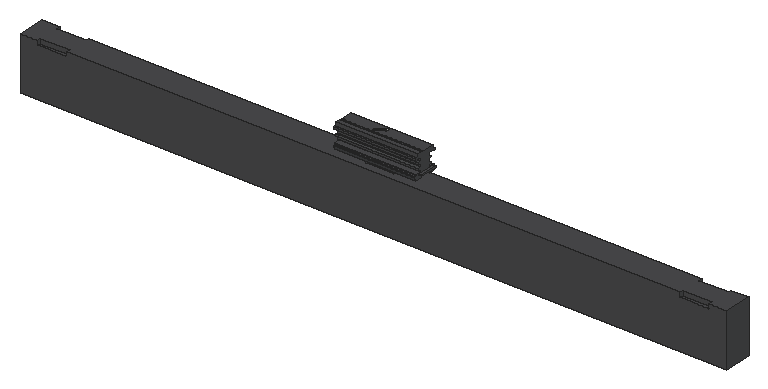
Revit family "STRIPE SINGLE HEAD RAIL 964_DTM40U9.6.90_W_N", category Luminarias, Revit 2019
Family settings
  Cota de conector redondo = Diámetro de uso
  Tipo de pieza = Normal
  Se basa en plano de trabajo = Sí
  Siempre vertical = Sí
  Corte con vacíos al cargar = No
  Origen de luz = Sí
  Compartido = No
  Punto de cálculo de habitación = No
Parameters (values of type "STRIPE SINGLE HEAD RAIL 964_DTM40W9.6.90")
  Ángulo de inclinación = 60.00°
  Ángulo de enfoque = 90.00°
  Ángulo de campo de foco = 90.00°
  Zone [instance] = ""
  Watt per fixture = 40
  Wattage = 40 W
  built-in parameter 1150107 = 3000 (stored number, unit not read)
  built-in parameter 1150110 = 1 (stored number, unit not read)
  built-in parameter 1150109 = 1 (stored number, unit not read)
  built-in parameter 1150112 = 1 (stored number, unit not read)
  built-in parameter 1150113 = 1 (stored number, unit not read)
  built-in parameter 1114218 = 1 (stored number, unit not read)
  Keynote = ""
  built-in parameter 1150137 = (empty or 0)
  built-in parameter 1150132 = (empty or 0)
  Modelo = "DTM40W9.6.90"
  Lámpara = "2835SMD SAMSUNG"
  Light Source Symbol Length = 3048 mm
  built-in parameter 1150105 = 2363.5 (stored number, unit not read)
  built-in parameter 1150102 = (empty or 0)
  built-in parameter 1150106 = 23.635 (stored number, unit not read)
  Lumens = 3200 lm
  Color Filter = 16777215
  built-in parameter 1114217 = 1 (stored number, unit not read)
  built-in parameter 1150139 = (empty or 0)
  Fabricante = "BRILLANT"
  Default Elevation = 1219.2 mm
  built-in parameter 1150104 = 7.4322 (stored number, unit not read)
  Descripción = "LUMINARIA DOWNLIGHT EN FORMATO RECTANGULAR COMPATIBLE CON RIEL DE 6 ENTRADAS Y 3 CIRCUITOS CON CABEZAL PARA PODER DIRIGIR LA LUMINARIA HASTA 30 GRADOS, CUERPO DE ALUMINIO ACABADO EN COLOR NEGRO, IP 20, PESO 2.12Kg, TIPO DE LED 2835SMD SAMSUNG CON 40W TOTAL, 3100 LUMENES, 80LM/W, IRC 90, TEMPERATURA EN BLANCO CALIDO 3000K, 50 MIL HORAS DE VIDA PROMEDIO, APERTURA DE 90 GRADOS EN STOCK, ALIMENTADO A 90-240V"
  built-in parameter 1150115 = 1 (stored number, unit not read)
  built-in parameter 1150114 = 1 (stored number, unit not read)
  Comentarios de vataje = "90-240V"
  built-in parameter 1150138 = (empty or 0)
  built-in parameter 1150134 = (empty or 0)
  Circuit [instance] = ""
  Dimming Lamp Color Temperature Shift = (empty or 0)
  Longitud de símbolo de origen de luz = 3048 mm
Types (3, lengths in mm): name | built-in parameter 1150107 | Modelo | built-in parameter 1150105 | built-in parameter 1150106 | Lumens | built-in parameter 1150104 | Descripción | built-in parameter 1150134
  STRIPE SINGLE HEAD RAIL 964_DTM40U9.6.90 | 2700 (stored number, unit not read) | "DTM40U9.6.90" | 2334 (stored number, unit not read) | 23.34 (stored number, unit not read) | 3160 lm | 7.3393 (stored number, unit not read) | "LUMINARIA DOWNLIGHT EN FORMATO RECTANGULAR COMPATIBLE CON RIEL DE 6 ENTRADAS Y 3 CIRCUITOS CON CABEZAL PARA PODER DIRIGIR LA LUMINARIA HASTA 30 GRADOS, CUERPO DE ALUMINIO ACABADO EN COLOR NEGRO, IP 20, PESO 2.12Kg, TIPO DE LED 2835SMD SAMSUNG CON 40W TOTAL, 3050 LUMENES, 79LM/W, IRC 90, TEMPERATURA EN BLANCO CALIDO 2700K, 50 MIL HORAS DE VIDA PROMEDIO, APERTURA DE 90 GRADOS EN STOCK, ALIMENTADO A 90-240V" | (empty or 0)
  STRIPE SINGLE HEAD RAIL 964_DTM40W9.6.90 | 3000 (stored number, unit not read) | "DTM40W9.6.90" | 2363.5 (stored number, unit not read) | 23.635 (stored number, unit not read) | 3200 lm | 7.4322 (stored number, unit not read) | "LUMINARIA DOWNLIGHT EN FORMATO RECTANGULAR COMPATIBLE CON RIEL DE 6 ENTRADAS Y 3 CIRCUITOS CON CABEZAL PARA PODER DIRIGIR LA LUMINARIA HASTA 30 GRADOS, CUERPO DE ALUMINIO ACABADO EN COLOR NEGRO, IP 20, PESO 2.12Kg, TIPO DE LED 2835SMD SAMSUNG CON 40W TOTAL, 3100 LUMENES, 80LM/W, IRC 90, TEMPERATURA EN BLANCO CALIDO 3000K, 50 MIL HORAS DE VIDA PROMEDIO, APERTURA DE 90 GRADOS EN STOCK, ALIMENTADO A 90-240V" | (empty or 0)
  STRIPE SINGLE HEAD RAIL 964_DTM40N9.6.90 | 4000 (stored number, unit not read) | "DTM40N9.6.90" | 2393.1 (stored number, unit not read) | 23.931 (stored number, unit not read) | 3240 lm | 7.5251 (stored number, unit not read) | "LUMINARIA DOWNLIGHT EN FORMATO RECTANGULAR COMPATIBLE CON RIEL DE 6 ENTRADAS Y 3 CIRCUITOS CON CABEZAL PARA PODER DIRIGIR LA LUMINARIA HASTA 30 GRADOS, CUERPO DE ALUMINIO ACABADO EN COLOR NEGRO, IP 20, PESO 2.12Kg, TIPO DE LED 2835SMD SAMSUNG CON 40W TOTAL, 3150 LUMENES, 81LM/W, IRC 90, TEMPERATURA EN BLANCO FRIO 4000K, 50 MIL HORAS DE VIDA PROMEDIO, APERTURA DE 90 GRADOS EN STOCK, ALIMENTADO A 90-240V" | 12
Reference planes
  plane 1 "Centro (Frontal/Posterior)": y = 0
  plane 2: z = 0
  plane 3 "Centro (Izquierda/Derecha)": x = 0
Forms (mm)
  Extrusion 1, solid, material "Default Form"
    sketch origin (0, 0, 0) x (1, 0, 0) y (0, 0, 1)
      loop
        line (-482, 0) -> (-482, -72) -> (482, -72) -> (482, 0) -> (-482, 0)
    from -18.326 to 18.326
  Blend 2, void
    base sketch origin (0, 0, 0) x (1, 0, 0) y (0, 1, 0)
      loop
        line (-478, 16.149) -> (-478, -16.149) -> (478, -16.149) -> (478, 16.149) -> (-478, 16.149)
    top sketch origin (0, 0, 0) x (1, 0, 0) y (0, 1, 0)
      loop
        line (-473, 12.149) -> (-473, -12.149) -> (473, -12.149) -> (473, 12.149) -> (-473, 12.149)
    from -72 to -61.591
  Extrusion 3, solid, material "Default Form"
    sketch origin (-55.628, 0, 7.5) x (0, 1, 0) y (0, 0, 1)
      loop
        line (-7.273, 1.74) -> (7.273, 1.74) -> (7.273, 0) -> (15.231, 0) -> (17.006, 4.494) -> (15.021, 4.494) -> (14.058, 5.868) -> (14.058, 7.166) -> (6.473, 7.166) -> (6.473, 9.324) -> (10.169, 10.163) -> (10.169, 12.464) -> (6.473, 13.302) -> (6.473, 16.66) -> (10.169, 17.499) -> (10.169, 19.8) -> (6.473, 20.638) -> (6.473, 25.016) -> (13.839, 25.016) -> (14.514, 24.341) -> (15.775, 24.341) -> (15.775, 27.171) -> (14.73, 27.171) -> (14.058, 26.499) -> (6.473, 26.499) -> (6.473, 27.299) -> (12.377, 27.299) -> (12.377, 31.471) -> (-2.744, 31.471) -> (-2.744, 30.671) -> (-5.514, 30.671) -> (-5.514, 31.471) -> (-12.377, 31.471) -> (-12.377, 27.299) -> (-6.473, 27.299) -> (-6.473, 26.499) -> (-14.058, 26.499) -> (-14.73, 27.171) -> (-15.775, 27.171) -> (-15.775, 24.341) -> (-14.514, 24.341) -> (-13.839, 25.016) -> (-6.473, 25.016) -> (-6.473, 20.638) -> (-10.169, 19.8) -> (-10.169, 17.499) -> (-6.473, 16.66) -> (-6.473, 13.302) -> (-10.169, 12.464) -> (-10.169, 10.163) -> (-6.473, 9.324) -> (-6.473, 7.166) -> (-14.058, 7.166) -> (-14.058, 5.868) -> (-15.021, 4.494) -> (-17.006, 4.494) -> (-15.231, 0) -> (-7.273, 0) -> (-7.273, 1.74)
    from 0 to 111.256
  Extrusion 4, solid, material "Default Form"
    sketch origin (0, 0, 0) x (1, 0, 0) y (0, 1, 0)
      loop
        line (-19.12, 6.873) -> (-19.12, -6.873) -> (19.12, -6.873) -> (19.12, 6.873) -> (-19.12, 6.873)
    from 0 to 2.67
  Extrusion 5, solid, material "Default Form"
    sketch origin (0, 0, 0) x (1, 0, 0) y (0, 1, 0)
      loop
        line (-10.93, 3.188) -> (-10.93, -3.188) -> (10.93, -3.188) -> (10.93, 3.188) -> (-10.93, 3.188)
    from 2.67 to 7.5
  Extrusion 6, void
    sketch origin (0, 0, 0) x (1, 0, 0) y (0, 1, 0)
      loop
        line (-418.28, 18.326) -> (-458, 18.326) -> (-458, 14.276) -> (-418.28, 14.276) -> (-418.28, 18.326)
      loop
        line (-458, -18.326) -> (-418.28, -18.326) -> (-418.28, -14.276) -> (-458, -14.276) -> (-458, -18.326)
      loop
        line (418.28, 18.326) -> (418.28, 14.276) -> (458, 14.276) -> (458, 18.326) -> (418.28, 18.326)
      loop
        line (458, -18.326) -> (458, -14.276) -> (418.28, -14.276) -> (418.28, -18.326) -> (458, -18.326)
    from -6.015 to 0
  Extrusion 7, solid, material "Acero Inoxidable"
    sketch origin (0, -1.594, 0) x (1, 0, 0) y (0, 0, -1)
      loop
        line (-15, -38.971) -> (3.794, -45.811) -> (4.341, -44.308) -> (3.589, -44.034) -> (3.316, -44.786) -> (-12.661, -38.971) -> (-15, -38.971)
    from 0 to 3.188
  Extrusion 8, solid, material "Default Form"
    sketch origin (0, 0, 0) x (1, 0, 0) y (0, 1, 0)
      loop
        line (-55.628, 6.473) -> (-66.331, 6.473) -> (-66.331, 0) -> (-55.628, 0) -> (-55.628, 6.473)
      loop
        line (55.628, 12.377) -> (55.628, -12.149) -> (60.628, -12.149) -> (60.628, 12.377) -> (55.628, 12.377)
    from 13.368 to 15
  Extrusion 9, solid, material "Cristal"
    sketch origin (0, 0, 0) x (1, 0, 0) y (0, 1, 0)
      loop
        line (-478, 16.149) -> (-478, -16.149) -> (478, -16.149) -> (478, 16.149) -> (-478, 16.149)
    from -72 to -70.547
Cuts and joins
  Blend 2, Extrusion 6 cuts Extrusion 1
Dimensions and locks
  equal spacing: Extrusion 1, plane 1 "Centro (Frontal/Posterior)", Extrusion 1
  Extrusion 1 to plane 1 "Centro (Frontal/Posterior)" = 18.326 mm
  Extrusion 1 to Extrusion 1 = 36.651 mm
  Extrusion 1 to Extrusion 1 = 72 mm
  Extrusion 1 to Extrusion 1 = 964 mm
  cut or joined group of Extrusion 1, Blend 2, Extrusion 6 to cut or joined group of Extrusion 1, Blend 2, Extrusion 6 = 72 mm
  cut or joined group of Extrusion 1, Blend 2, Extrusion 6 to cut or joined group of Extrusion 1, Blend 2, Extrusion 6 = 36.651 mm
  cut or joined group of Extrusion 1, Blend 2, Extrusion 6 to cut or joined group of Extrusion 1, Blend 2, Extrusion 6 = 964 mm
  equal spacing: cut or joined group of Extrusion 1, Blend 2, Extrusion 6, plane 1 "Centro (Frontal/Posterior)", cut or joined group of Extrusion 1, Blend 2, Extrusion 6
  cut or joined group of Extrusion 1, Blend 2, Extrusion 6 to cut or joined group of Extrusion 1, Blend 2, Extrusion 6 = 24 mm
  aligned and locked: level to plane 2
  aligned and locked: Extrusion 5 to Extrusion 3
  aligned and locked: Extrusion 5 to Extrusion 4
  aligned and locked: Extrusion 9 to cut or joined group of Extrusion 1, Blend 2, Extrusion 6  (x2)
Automatic sketch dimensions
  plane 1 "Centro (Frontal/Posterior)" to Extrusion 3 sketch curve = 17.006 mm
  plane 1 "Centro (Frontal/Posterior)" to Extrusion 3 sketch curve = 15.775 mm
  level to Extrusion 3 sketch curve = 7.5 mm  (x2)
  Extrusion 3 sketch curve to Extrusion 3 sketch curve = 1.775 mm
  Extrusion 3 sketch curve to Extrusion 3 sketch curve = 1.985 mm  (x2)
  Extrusion 3 sketch curve to Extrusion 3 sketch curve = 1.045 mm
  Extrusion 3 sketch curve to Extrusion 3 sketch curve = 1.261 mm  (x2)
  Extrusion 3 sketch curve to Extrusion 3 sketch curve = 0.963 mm  (x2)
  Extrusion 3 sketch curve to Extrusion 3 sketch curve = 0.672 mm  (x4)
  Extrusion 3 sketch curve to Extrusion 3 sketch curve = 0.675 mm  (x3)
  Extrusion 3 sketch curve to Extrusion 3 sketch curve = 2.354 mm
  Extrusion 3 sketch curve to Extrusion 3 sketch curve = 4.345 mm
  Extrusion 3 sketch curve to Extrusion 3 sketch curve = 3.89 mm  (x2)
  plane 1 "Centro (Frontal/Posterior)" to Extrusion 3 sketch curve = 7.273 mm
  Extrusion 3 sketch curve to Extrusion 3 sketch curve = 3.696 mm  (x4)
  Extrusion 3 sketch curve to Extrusion 3 sketch curve = 5.904 mm  (x2)
  Extrusion 3 sketch curve to Extrusion 3 sketch curve = 0 mm  (x3)
  Extrusion 3 sketch curve to Extrusion 3 sketch curve = 0.959 mm
  plane 1 "Centro (Frontal/Posterior)" to Extrusion 3 sketch curve = 2.744 mm
  Extrusion 3 sketch curve to plane 1 "Centro (Frontal/Posterior)" = 6.473 mm  (x2)
  Extrusion 3 sketch curve to Extrusion 3 sketch curve = 0.8 mm  (x3)
  Extrusion 3 sketch curve to Extrusion 3 sketch curve = 1.462 mm
  Extrusion 3 sketch curve to Extrusion 3 sketch curve = 0.22 mm
  Extrusion 3 sketch curve to Extrusion 3 sketch curve = 0.21 mm
  Extrusion 3 sketch curve to Extrusion 3 sketch curve = 1.74 mm
  Extrusion 3 sketch curve to Extrusion 3 sketch curve = 4.494 mm  (x2)
  Extrusion 3 sketch curve to Extrusion 3 sketch curve = 1.375 mm  (x2)
  Extrusion 3 sketch curve to Extrusion 3 sketch curve = 5.426 mm  (x2)
  Extrusion 3 sketch curve to Extrusion 3 sketch curve = 2.158 mm  (x2)
  Extrusion 3 sketch curve to Extrusion 3 sketch curve = 0.839 mm  (x8)
  Extrusion 3 sketch curve to Extrusion 3 sketch curve = 2.301 mm  (x4)
  Extrusion 3 sketch curve to Extrusion 3 sketch curve = 3.358 mm  (x2)
  Extrusion 3 sketch curve to Extrusion 3 sketch curve = 4.541 mm  (x2)
  Extrusion 3 sketch curve to Extrusion 3 sketch curve = 4.378 mm
  Extrusion 3 sketch curve to Extrusion 3 sketch curve = 1.483 mm  (x2)
  Extrusion 3 sketch curve to Extrusion 3 sketch curve = 3.372 mm
  Extrusion 3 sketch curve to Extrusion 3 sketch curve = 4.172 mm  (x2)
  plane 1 "Centro (Frontal/Posterior)" to Extrusion 4 sketch curve = 6.873 mm
  Extrusion 4 sketch curve to plane 3 "Centro (Izquierda/Derecha)" = 19.12 mm
  plane 3 "Centro (Izquierda/Derecha)" to Extrusion 4 sketch curve = 19.12 mm
  Extrusion 4 sketch curve to plane 1 "Centro (Frontal/Posterior)" = 6.873 mm
  plane 1 "Centro (Frontal/Posterior)" to Extrusion 5 sketch curve = 3.188 mm
  Extrusion 5 sketch curve to plane 3 "Centro (Izquierda/Derecha)" = 10.93 mm
  plane 3 "Centro (Izquierda/Derecha)" to Extrusion 5 sketch curve = 10.93 mm
  Extrusion 5 sketch curve to plane 1 "Centro (Frontal/Posterior)" = 3.188 mm
  Extrusion 7 sketch curve to plane 3 "Centro (Izquierda/Derecha)" = 15 mm
  Extrusion 7 sketch curve to Extrusion 7 sketch curve = 2.339 mm
  plane 3 "Centro (Izquierda/Derecha)" to Extrusion 7 sketch curve = 3.316 mm
  Extrusion 7 sketch curve to Extrusion 7 sketch curve = 0.274 mm
  Extrusion 7 sketch curve to Extrusion 7 sketch curve = 0.478 mm
  Extrusion 7 sketch curve to Extrusion 7 sketch curve = 0.752 mm
  level to Extrusion 7 sketch curve = 45.811 mm
  plane 1 "Centro (Frontal/Posterior)" to Extrusion 8 sketch curve = 0 mm
  Extrusion 8 sketch curve to plane 1 "Centro (Frontal/Posterior)" = 6.473 mm
  Extrusion 8 sketch curve to plane 3 "Centro (Izquierda/Derecha)" = 66.331 mm
  Extrusion 8 sketch curve to Extrusion 8 sketch curve = 10.703 mm
  Extrusion 8 sketch curve to plane 1 "Centro (Frontal/Posterior)" = 12.377 mm
  plane 3 "Centro (Izquierda/Derecha)" to Extrusion 8 sketch curve = 55.628 mm
  Extrusion 8 sketch curve to Extrusion 8 sketch curve = 5 mm
  plane 1 "Centro (Frontal/Posterior)" to Extrusion 8 sketch curve = 12.149 mm
  plane 1 "Centro (Frontal/Posterior)" to Extrusion 9 sketch curve = 16.149 mm
  Extrusion 9 sketch curve to plane 3 "Centro (Izquierda/Derecha)" = 478 mm
  plane 3 "Centro (Izquierda/Derecha)" to Extrusion 9 sketch curve = 478 mm
  Extrusion 9 sketch curve to plane 1 "Centro (Frontal/Posterior)" = 16.149 mm
  Extrusion 1 sketch curve to level = 0 mm
  Extrusion 1 sketch curve to plane 3 "Centro (Izquierda/Derecha)" = 482 mm
  plane 3 "Centro (Izquierda/Derecha)" to Extrusion 1 sketch curve = 482 mm
  Extrusion 1 sketch curve to Extrusion 1 sketch curve = 72 mm
  plane 1 "Centro (Frontal/Posterior)" to Extrusion 6 sketch curve = 18.326 mm  (x2)
  Extrusion 6 sketch curve to plane 3 "Centro (Izquierda/Derecha)" = 458 mm
  Extrusion 6 sketch curve to Extrusion 6 sketch curve = 0 mm  (x4)
  Extrusion 6 sketch curve to Extrusion 6 sketch curve = 39.72 mm  (x2)
  Extrusion 6 sketch curve to plane 1 "Centro (Frontal/Posterior)" = 18.326 mm
  plane 3 "Centro (Izquierda/Derecha)" to Extrusion 6 sketch curve = 418.28 mm
  Extrusion 6 sketch curve to Extrusion 6 sketch curve = 4.049 mm  (x4)
  Extrusion 6 sketch curve to plane 1 "Centro (Frontal/Posterior)" = 14.276 mm
  Blend 2 sketch curve to plane 1 "Centro (Frontal/Posterior)" = 16.149 mm
  Blend 2 sketch curve to plane 3 "Centro (Izquierda/Derecha)" = 478 mm
  plane 1 "Centro (Frontal/Posterior)" to Blend 2 sketch curve = 16.149 mm
  plane 3 "Centro (Izquierda/Derecha)" to Blend 2 sketch curve = 478 mm
  Blend 2 sketch curve to plane 1 "Centro (Frontal/Posterior)" = 12.149 mm
  Blend 2 sketch curve to plane 3 "Centro (Izquierda/Derecha)" = 473 mm
  plane 1 "Centro (Frontal/Posterior)" to Blend 2 sketch curve = 12.149 mm
  plane 3 "Centro (Izquierda/Derecha)" to Blend 2 sketch curve = 473 mm
Connectors
  electrical at (0, 0, 0)
    settings: on cut or joined group of Extrusion 1, Blend 2, Extrusion 6, index 1, voltage 240 V, apparent load 0 VA, apparent load phase1 0 VA, apparent load phase2 0 VA, apparent load phase3 0 VA, power factor 1, load classification "Otro", number of poles 1, system type 31, power factor state 1, is connector primary yes, connector utility no, sub classification motor no, connector description ""
